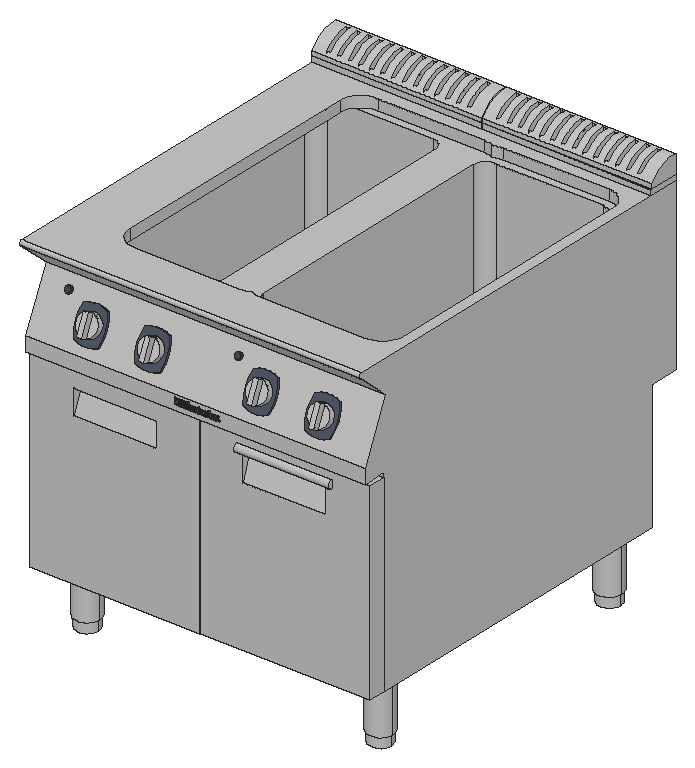
Revit family "QF_ELECTROLUXPROFESSIONAL_391625_E9OODTBAMEI", category Attrezzature speciali, Revit 2018 (continued)
Automatic sketch dimensions
  Extrusion 5 sketch curve to Extrusion 5 sketch curve = 0.936 mm
  Extrusion 5 sketch curve to Extrusion 5 sketch curve = 0.594 mm
  Extrusion 5 sketch curve to Extrusion 5 sketch curve = 0.343 mm
  Extrusion 5 sketch curve to Extrusion 5 sketch curve = 0.159 mm
  Extrusion 5 sketch curve to Extrusion 5 sketch curve = 0.826 mm
  Extrusion 5 sketch curve to Extrusion 5 sketch curve = 0.839 mm
  Extrusion 5 sketch curve to Extrusion 5 sketch curve = 0.852 mm
  Extrusion 5 sketch curve to Extrusion 5 sketch curve = 0.887 mm
  Extrusion 5 sketch curve to Extrusion 5 sketch curve = 0.928 mm
  Extrusion 5 sketch curve to Extrusion 5 sketch curve = 0.938 mm
  Extrusion 5 sketch curve to Extrusion 5 sketch curve = 0.444 mm
  Extrusion 5 sketch curve to Extrusion 5 sketch curve = 1.11 mm  (x3)
  Extrusion 5 sketch curve to Extrusion 5 sketch curve = 0.215 mm
  Extrusion 5 sketch curve to Extrusion 5 sketch curve = 1.43 mm
  Extrusion 5 sketch curve to Extrusion 5 sketch curve = 1.188 mm
  Extrusion 5 sketch curve to Extrusion 5 sketch curve = 1.21 mm  (x2)
  Extrusion 5 sketch curve to Extrusion 5 sketch curve = 0.503 mm
  Extrusion 5 sketch curve to Extrusion 5 sketch curve = 0.488 mm
  Extrusion 5 sketch curve to Extrusion 5 sketch curve = 0.462 mm
  Extrusion 5 sketch curve to Extrusion 5 sketch curve = 1.386 mm
  Extrusion 5 sketch curve to Extrusion 5 sketch curve = 1.742 mm  (x2)
  Extrusion 5 sketch curve to Extrusion 5 sketch curve = 0.821 mm
  Extrusion 5 sketch curve to Extrusion 5 sketch curve = 0.497 mm
  Extrusion 5 sketch curve to Extrusion 5 sketch curve = 0.539 mm
  Extrusion 5 sketch curve to Extrusion 5 sketch curve = 0.199 mm
  Extrusion 5 sketch curve to Extrusion 5 sketch curve = 0.408 mm
  Extrusion 5 sketch curve to Extrusion 5 sketch curve = 0.528 mm
  Extrusion 5 sketch curve to Extrusion 5 sketch curve = 1.16 mm
  Extrusion 5 sketch curve to Extrusion 5 sketch curve = 0.329 mm
  Extrusion 5 sketch curve to Extrusion 5 sketch curve = 1.054 mm
  Extrusion 5 sketch curve to Extrusion 5 sketch curve = 1.056 mm
  Extrusion 5 sketch curve to Extrusion 5 sketch curve = 0.129 mm
  Extrusion 5 sketch curve to Extrusion 5 sketch curve = 0.489 mm
  Extrusion 5 sketch curve to Extrusion 5 sketch curve = 0.441 mm
  Extrusion 5 sketch curve to Extrusion 5 sketch curve = 1.151 mm
  Extrusion 5 sketch curve to Extrusion 5 sketch curve = 1.141 mm  (x2)
  Extrusion 5 sketch curve to Extrusion 5 sketch curve = 0.768 mm
  Extrusion 5 sketch curve to Extrusion 5 sketch curve = 1.653 mm
  Extrusion 5 sketch curve to Extrusion 5 sketch curve = 0.499 mm
  Extrusion 5 sketch curve to Extrusion 5 sketch curve = 0.964 mm
  Extrusion 5 sketch curve to Extrusion 5 sketch curve = 0.949 mm
  Extrusion 5 sketch curve to Extrusion 5 sketch curve = 1.345 mm  (x3)
  Extrusion 5 sketch curve to Extrusion 5 sketch curve = 1.101 mm
  Extrusion 5 sketch curve to Extrusion 5 sketch curve = 0.432 mm
  Extrusion 5 sketch curve to Extrusion 5 sketch curve = 1.142 mm
  Extrusion 5 sketch curve to Extrusion 5 sketch curve = 0.959 mm
  Extrusion 5 sketch curve to Extrusion 5 sketch curve = 0.176 mm
  Extrusion 5 sketch curve to Extrusion 5 sketch curve = 0.728 mm
  Extrusion 5 sketch curve to Extrusion 5 sketch curve = 3.375 mm  (x2)
  Extrusion 5 sketch curve to Extrusion 5 sketch curve = 0.541 mm
  Extrusion 5 sketch curve to Extrusion 5 sketch curve = 0.955 mm
  Extrusion 5 sketch curve to Extrusion 5 sketch curve = 1.251 mm
  Extrusion 5 sketch curve to Extrusion 5 sketch curve = 0.572 mm
  Extrusion 5 sketch curve to Extrusion 5 sketch curve = 1.92 mm
  Extrusion 5 sketch curve to Extrusion 5 sketch curve = 1.224 mm
  Extrusion 5 sketch curve to Extrusion 5 sketch curve = 0.745 mm
  Extrusion 5 sketch curve to Extrusion 5 sketch curve = 2.537 mm
  Extrusion 5 sketch curve to Extrusion 5 sketch curve = 0.896 mm  (x3)
  Extrusion 5 sketch curve to Extrusion 5 sketch curve = 0.036 mm
  Extrusion 5 sketch curve to Extrusion 5 sketch curve = 2.607 mm
  Extrusion 5 sketch curve to Extrusion 5 sketch curve = 0.066 mm
  Extrusion 5 sketch curve to Extrusion 5 sketch curve = 0.248 mm
  Extrusion 5 sketch curve to Extrusion 5 sketch curve = 0.449 mm
  Extrusion 5 sketch curve to Extrusion 5 sketch curve = 1.052 mm
  Extrusion 5 sketch curve to Extrusion 5 sketch curve = 1.863 mm
  Extrusion 5 sketch curve to Extrusion 5 sketch curve = 1.31 mm  (x2)
  Extrusion 5 sketch curve to Extrusion 5 sketch curve = 0.901 mm
  Extrusion 5 sketch curve to Extrusion 5 sketch curve = 1.107 mm
  Extrusion 5 sketch curve to Extrusion 5 sketch curve = 2.122 mm
  Extrusion 5 sketch curve to Extrusion 5 sketch curve = 2.101 mm
  Extrusion 5 sketch curve to Extrusion 5 sketch curve = 0.106 mm
  Extrusion 5 sketch curve to Extrusion 5 sketch curve = 0.029 mm
  Extrusion 5 sketch curve to Extrusion 5 sketch curve = 2.09 mm
  Extrusion 5 sketch curve to Extrusion 5 sketch curve = 1.279 mm
  Extrusion 5 sketch curve to Extrusion 5 sketch curve = 2.008 mm
  Extrusion 5 sketch curve to Extrusion 5 sketch curve = 0.738 mm
  Extrusion 5 sketch curve to Extrusion 5 sketch curve = 0.382 mm
  Extrusion 5 sketch curve to Extrusion 5 sketch curve = 0.384 mm
  Extrusion 5 sketch curve to Extrusion 5 sketch curve = 0.002 mm
  Extrusion 5 sketch curve to Extrusion 5 sketch curve = 0.561 mm
  Extrusion 5 sketch curve to Extrusion 5 sketch curve = 0.592 mm
  Extrusion 5 sketch curve to Extrusion 5 sketch curve = 2.692 mm
  Extrusion 5 sketch curve to Extrusion 5 sketch curve = 1.259 mm
  Extrusion 5 sketch curve to Extrusion 5 sketch curve = 0.802 mm
  Extrusion 5 sketch curve to Extrusion 5 sketch curve = 1.024 mm  (x2)
  Extrusion 5 sketch curve to Extrusion 5 sketch curve = 0.682 mm
  Extrusion 5 sketch curve to Extrusion 5 sketch curve = 5.934 mm
  Extrusion 5 sketch curve to Extrusion 5 sketch curve = 2.186 mm
  Extrusion 5 sketch curve to Extrusion 5 sketch curve = 0.337 mm
  Extrusion 5 sketch curve to Extrusion 5 sketch curve = 0.021 mm
  Extrusion 5 sketch curve to Extrusion 5 sketch curve = 1.005 mm
  Extrusion 5 sketch curve to Extrusion 5 sketch curve = 0.552 mm
  Extrusion 5 sketch curve to Extrusion 5 sketch curve = 0.778 mm
  Extrusion 5 sketch curve to Extrusion 5 sketch curve = 0.063 mm
  Extrusion 5 sketch curve to Extrusion 5 sketch curve = 1.023 mm
  Extrusion 5 sketch curve to Extrusion 5 sketch curve = 3.804 mm
  Extrusion 5 sketch curve to Extrusion 5 sketch curve = 0.486 mm
  Extrusion 5 sketch curve to Extrusion 5 sketch curve = 0.266 mm
  Extrusion 5 sketch curve to Extrusion 5 sketch curve = 1.547 mm
  Extrusion 5 sketch curve to Extrusion 5 sketch curve = 0.717 mm  (x2)
  Extrusion 5 sketch curve to Extrusion 5 sketch curve = 1.667 mm
  Extrusion 5 sketch curve to Extrusion 5 sketch curve = 3.174 mm
  Extrusion 5 sketch curve to Extrusion 5 sketch curve = 0.388 mm
  Extrusion 5 sketch curve to Extrusion 5 sketch curve = 1.342 mm
  Extrusion 5 sketch curve to Extrusion 5 sketch curve = 1.521 mm
  Extrusion 5 sketch curve to Extrusion 5 sketch curve = 0.124 mm
  Extrusion 5 sketch curve to Extrusion 5 sketch curve = 0.291 mm
  Extrusion 5 sketch curve to Extrusion 5 sketch curve = 1.049 mm  (x2)
  Extrusion 5 sketch curve to Extrusion 5 sketch curve = 1.7 mm
  Extrusion 5 sketch curve to Extrusion 5 sketch curve = 0.894 mm
  Extrusion 5 sketch curve to Extrusion 5 sketch curve = 0.989 mm
  Extrusion 5 sketch curve to Extrusion 5 sketch curve = 1.168 mm
  Extrusion 5 sketch curve to Extrusion 5 sketch curve = 1.594 mm
  Extrusion 5 sketch curve to Extrusion 5 sketch curve = 0.731 mm
  Extrusion 5 sketch curve to Extrusion 5 sketch curve = 1.566 mm
  Extrusion 5 sketch curve to Extrusion 5 sketch curve = 0.064 mm
  Extrusion 5 sketch curve to Extrusion 5 sketch curve = 0.556 mm  (x2)
  Extrusion 5 sketch curve to Extrusion 5 sketch curve = 0.48 mm
  Extrusion 5 sketch curve to Extrusion 5 sketch curve = 1.018 mm
  Extrusion 5 sketch curve to Extrusion 5 sketch curve = 0.787 mm
  Extrusion 5 sketch curve to Extrusion 5 sketch curve = 0.618 mm
  Extrusion 5 sketch curve to Extrusion 5 sketch curve = 1.672 mm
  Extrusion 5 sketch curve to Extrusion 5 sketch curve = 1.361 mm
  Extrusion 5 sketch curve to Extrusion 5 sketch curve = 0.822 mm
  Extrusion 5 sketch curve to Extrusion 5 sketch curve = 0.069 mm
  Extrusion 5 sketch curve to Extrusion 5 sketch curve = 1.88 mm
  Extrusion 5 sketch curve to Extrusion 5 sketch curve = 0.42 mm
  Extrusion 5 sketch curve to Extrusion 5 sketch curve = 0.062 mm
  Extrusion 5 sketch curve to Extrusion 5 sketch curve = 1.355 mm
  Extrusion 5 sketch curve to Extrusion 5 sketch curve = 2.34 mm
  Extrusion 5 sketch curve to Extrusion 5 sketch curve = 0.493 mm
  Extrusion 5 sketch curve to Extrusion 5 sketch curve = 0.136 mm
  Extrusion 5 sketch curve to Extrusion 5 sketch curve = 0.128 mm
  Extrusion 5 sketch curve to Extrusion 5 sketch curve = 3.616 mm
  Extrusion 5 sketch curve to Extrusion 5 sketch curve = 4.207 mm
  Extrusion 5 sketch curve to Extrusion 5 sketch curve = 0.183 mm
  Extrusion 5 sketch curve to Extrusion 5 sketch curve = 0.895 mm
  Extrusion 5 sketch curve to Extrusion 5 sketch curve = 1.314 mm
  Extrusion 5 sketch curve to Extrusion 5 sketch curve = 3.231 mm
  Extrusion 5 sketch curve to Extrusion 5 sketch curve = 1.299 mm
  Extrusion 5 sketch curve to Extrusion 5 sketch curve = 1.214 mm
  Extrusion 5 sketch curve to Extrusion 5 sketch curve = 1.264 mm
  Extrusion 5 sketch curve to Extrusion 5 sketch curve = 0.109 mm
  Extrusion 5 sketch curve to Extrusion 5 sketch curve = 0.357 mm
  Extrusion 5 sketch curve to Extrusion 5 sketch curve = 0.565 mm
  Extrusion 5 sketch curve to Extrusion 5 sketch curve = 2.504 mm
  Extrusion 5 sketch curve to Extrusion 5 sketch curve = 2.459 mm
  Extrusion 1 to Extrusion 5 sketch curve = 5.127 mm
  Extrusion 1 to Extrusion 5 sketch curve = 343.464 mm
  Extrusion 5 sketch curve to Extrusion 5 sketch curve = 0.208 mm
  Extrusion 5 sketch curve to Extrusion 5 sketch curve = 0.468 mm  (x2)
  Extrusion 5 sketch curve to Extrusion 5 sketch curve = 1.559 mm
  Extrusion 5 sketch curve to Extrusion 5 sketch curve = 0.422 mm  (x2)
  Extrusion 5 sketch curve to Extrusion 5 sketch curve = 0.494 mm
  Extrusion 5 sketch curve to Extrusion 5 sketch curve = 3.927 mm
  Extrusion 5 sketch curve to Extrusion 5 sketch curve = 0.782 mm
  Extrusion 5 sketch curve to Extrusion 5 sketch curve = 1.268 mm
  Extrusion 5 sketch curve to Extrusion 5 sketch curve = 0.671 mm
  Extrusion 5 sketch curve to Extrusion 5 sketch curve = 0.777 mm
  Extrusion 5 sketch curve to Extrusion 5 sketch curve = 0.704 mm
  Extrusion 5 sketch curve to Extrusion 5 sketch curve = 0.781 mm  (x2)
  Extrusion 5 sketch curve to Extrusion 5 sketch curve = 1.634 mm
  Extrusion 5 sketch curve to Extrusion 5 sketch curve = 0.132 mm
  Extrusion 5 sketch curve to Extrusion 5 sketch curve = 3.136 mm
  Extrusion 5 sketch curve to Extrusion 5 sketch curve = 2.422 mm
  Extrusion 5 sketch curve to Extrusion 5 sketch curve = 0.586 mm
  Extrusion 5 sketch curve to Extrusion 5 sketch curve = 2.046 mm  (x2)
  Extrusion 5 sketch curve to Extrusion 5 sketch curve = 1.241 mm
  Extrusion 5 sketch curve to Extrusion 5 sketch curve = 1.689 mm
  Extrusion 5 sketch curve to Extrusion 5 sketch curve = 2.859 mm
  Extrusion 5 sketch curve to Extrusion 5 sketch curve = 0.627 mm
  Extrusion 5 sketch curve to Extrusion 5 sketch curve = 0.863 mm
  Extrusion 5 sketch curve to Extrusion 5 sketch curve = 0.419 mm
  Extrusion 5 sketch curve to Extrusion 5 sketch curve = 1.514 mm
  Extrusion 5 sketch curve to Extrusion 5 sketch curve = 1.019 mm
  Extrusion 5 sketch curve to Extrusion 5 sketch curve = 0.065 mm
  Extrusion 5 sketch curve to Extrusion 5 sketch curve = 1.215 mm
  Extrusion 5 sketch curve to Extrusion 5 sketch curve = 2.708 mm
  Extrusion 5 sketch curve to Extrusion 5 sketch curve = 1.122 mm
  Extrusion 5 sketch curve to Extrusion 5 sketch curve = 1.153 mm
  Extrusion 5 sketch curve to Extrusion 5 sketch curve = 3.009 mm
  Extrusion 5 sketch curve to Extrusion 5 sketch curve = 0.829 mm  (x2)
  Extrusion 5 sketch curve to Extrusion 5 sketch curve = 0.934 mm
  Extrusion 5 sketch curve to Extrusion 5 sketch curve = 3.376 mm
  Extrusion 5 sketch curve to Extrusion 5 sketch curve = 0.222 mm
  Extrusion 5 sketch curve to Extrusion 5 sketch curve = 1.383 mm
  Extrusion 5 sketch curve to Extrusion 5 sketch curve = 1.556 mm
  Extrusion 5 sketch curve to Extrusion 5 sketch curve = 2.559 mm
  Extrusion 5 sketch curve to Extrusion 5 sketch curve = 2.51 mm
  Extrusion 5 sketch curve to Extrusion 5 sketch curve = 0.131 mm
  Extrusion 5 sketch curve to Extrusion 5 sketch curve = 1.717 mm
  Extrusion 5 sketch curve to Extrusion 5 sketch curve = 1.134 mm
  Extrusion 5 sketch curve to Extrusion 5 sketch curve = 0.366 mm
  Extrusion 5 sketch curve to Extrusion 5 sketch curve = 0.094 mm
  Extrusion 5 sketch curve to Extrusion 5 sketch curve = 1.584 mm
  Extrusion 5 sketch curve to Extrusion 5 sketch curve = 1.501 mm
  Extrusion 5 sketch curve to Extrusion 5 sketch curve = 0.27 mm
  Extrusion 5 sketch curve to Extrusion 5 sketch curve = 1.808 mm
  Extrusion 5 sketch curve to Extrusion 5 sketch curve = 0.643 mm
  Extrusion 5 sketch curve to Extrusion 5 sketch curve = 0.916 mm
  Extrusion 5 sketch curve to Extrusion 5 sketch curve = 0.352 mm
  Extrusion 5 sketch curve to Extrusion 5 sketch curve = 0.458 mm
  Extrusion 5 sketch curve to Extrusion 5 sketch curve = 1.282 mm
  Extrusion 5 sketch curve to Extrusion 5 sketch curve = 1.363 mm
  Extrusion 5 sketch curve to Extrusion 5 sketch curve = 0.685 mm
  Extrusion 5 sketch curve to Extrusion 5 sketch curve = 0.905 mm
  Extrusion 5 sketch curve to Extrusion 5 sketch curve = 2.865 mm
  Extrusion 5 sketch curve to Extrusion 5 sketch curve = 0.472 mm
  Extrusion 5 sketch curve to Extrusion 5 sketch curve = 0.101 mm
  Extrusion 5 sketch curve to Extrusion 5 sketch curve = 0.54 mm
  Extrusion 5 sketch curve to Extrusion 5 sketch curve = 0.02 mm
  Extrusion 5 sketch curve to Extrusion 5 sketch curve = 0.582 mm
  Extrusion 5 sketch curve to Extrusion 5 sketch curve = 0.166 mm
  Extrusion 5 sketch curve to Extrusion 5 sketch curve = 0.16 mm
  Extrusion 5 sketch curve to Extrusion 5 sketch curve = 2.781 mm
  Extrusion 5 sketch curve to Extrusion 5 sketch curve = 1.118 mm
  Extrusion 5 sketch curve to Extrusion 5 sketch curve = 0.613 mm
  Extrusion 5 sketch curve to Extrusion 5 sketch curve = 0.361 mm
  Extrusion 5 sketch curve to Extrusion 5 sketch curve = 0.897 mm
  Extrusion 5 sketch curve to Extrusion 5 sketch curve = 0.167 mm
  Extrusion 5 sketch curve to Extrusion 5 sketch curve = 0.292 mm
  Extrusion 5 sketch curve to Extrusion 5 sketch curve = 0.305 mm
  Extrusion 5 sketch curve to Extrusion 5 sketch curve = 1.557 mm
  Extrusion 5 sketch curve to Extrusion 5 sketch curve = 2.499 mm
  Extrusion 5 sketch curve to Extrusion 5 sketch curve = 3.062 mm
  Extrusion 5 sketch curve to Extrusion 5 sketch curve = 2.968 mm
  Extrusion 5 sketch curve to Extrusion 5 sketch curve = 5.044 mm
  Extrusion 5 sketch curve to Extrusion 5 sketch curve = 0.629 mm  (x2)
  Extrusion 5 sketch curve to Extrusion 5 sketch curve = 1.131 mm
  Extrusion 5 sketch curve to Extrusion 5 sketch curve = 0.137 mm
  Extrusion 5 sketch curve to Extrusion 5 sketch curve = 0.027 mm
  Extrusion 5 sketch curve to Extrusion 5 sketch curve = 2.235 mm
  Extrusion 6 sketch curve to plane 10 "TOP A" = 0 mm
  Extrusion 6 sketch curve to plane 1 "BACK" = 0 mm
  plane 10 "TOP A" to Extrusion 6 sketch curve = 12.9 mm
  Extrusion 6 sketch curve to plane 12 = 54.11 mm
  Extrusion 7 sketch curve to plane 1 "BACK" = 0 mm
  Extrusion 7 sketch curve to plane 6 "TOP" = 0 mm
  plane 1 "BACK" to Extrusion 7 sketch curve = 4.947 mm
  plane 10 "TOP A" to Extrusion 7 sketch curve = 23.3 mm
  plane 1 "BACK" to Extrusion 7 sketch curve = 69.85 mm
  plane 10 "TOP A" to Extrusion 7 sketch curve = 12.9 mm
  plane 1 "BACK" to Extrusion 8 sketch curve = 6.761 mm  (x14)
  plane 17 to Extrusion 8 sketch curve = 0.513 mm
  Extrusion 8 sketch curve to plane 16 = 1.61 mm
  plane 16 to Extrusion 8 sketch curve = 14.583 mm
  Extrusion 8 sketch curve to Extrusion 8 sketch curve = 57.15 mm
  Extrusion 8 sketch curve to Extrusion 8 sketch curve = 0 mm  (x13)
  Extrusion 8 sketch curve to plane 16 = 10.905 mm
  plane 20 to Extrusion 8 sketch curve = 0.191 mm
  Extrusion 8 sketch curve to plane 20 = 16.001 mm
  Extrusion 8 sketch curve to Extrusion 8 sketch curve = 9.296 mm  (x12)
  Extrusion 8 sketch curve to plane 17 = 15.68 mm
  Extrusion 8 sketch curve to Extrusion 8 sketch curve = 16.193 mm  (x9)
  Extrusion 9 sketch curve to plane 10 "TOP A" = 0 mm
  Extrusion 9 sketch curve to plane 1 "BACK" = 0 mm
  plane 10 "TOP A" to Extrusion 9 sketch curve = 12.9 mm
  Extrusion 9 sketch curve to plane 12 = 54.11 mm
  Extrusion 10 sketch curve to plane 1 "BACK" = 0 mm
  Extrusion 10 sketch curve to plane 6 "TOP" = 0 mm
  plane 1 "BACK" to Extrusion 10 sketch curve = 4.947 mm
  plane 10 "TOP A" to Extrusion 10 sketch curve = 23.3 mm
  plane 1 "BACK" to Extrusion 10 sketch curve = 69.85 mm
  plane 10 "TOP A" to Extrusion 10 sketch curve = 12.9 mm
  plane 1 "BACK" to Extrusion 11 sketch curve = 6.761 mm  (x14)
  plane 18 to Extrusion 11 sketch curve = 1.487 mm
  Extrusion 11 sketch curve to plane 19 = 0.56 mm
  Extrusion 11 sketch curve to Extrusion 11 sketch curve = 57.15 mm
  Extrusion 11 sketch curve to Extrusion 11 sketch curve = 0 mm  (x13)
  Extrusion 11 sketch curve to plane 15 = 6.001 mm
  plane 19 to Extrusion 11 sketch curve = 15.633 mm
  Extrusion 11 sketch curve to Extrusion 11 sketch curve = 9.296 mm  (x13)
  Extrusion 11 sketch curve to Extrusion 11 sketch curve = 16.193 mm  (x10)
  plane 21 to Extrusion 11 sketch curve = 0.191 mm
  Extrusion 12 sketch curve to Extrusion 1 = 0 mm  (x2)
  Extrusion 1 to Extrusion 12 sketch curve = 399.088 mm
  Extrusion 12 sketch curve to Extrusion 12 sketch curve = 1.825 mm
  Extrusion 13 sketch curve to plane 5 "FRONT" = 30 mm
  Extrusion 13 sketch curve to Extrusion 13 sketch curve = 21.813 mm
  Extrusion 13 sketch curve to plane 9 "BASE" = 97.43 mm
  Extrusion 13 sketch curve to plane 9 "BASE" = 37.5 mm
  Extrusion 14 sketch curve to plane 5 "FRONT" = 30 mm
  Extrusion 14 sketch curve to Extrusion 14 sketch curve = 21.813 mm
  Extrusion 14 sketch curve to plane 9 "BASE" = 37.5 mm
  Extrusion 14 sketch curve to Extrusion 14 sketch curve = 59.93 mm
  Extrusion 15 sketch curve to plane 5 "FRONT" = 30 mm
  Extrusion 15 sketch curve to plane 9 "BASE" = 17.595 mm
  Extrusion 15 sketch curve to Extrusion 15 sketch curve = 9.905 mm
  plane 13 to Extrusion 16 sketch curve = 0 mm
  Extrusion 16 sketch curve to plane 20 = 10 mm
  Extrusion 16 sketch curve to Extrusion 16 sketch curve = 0 mm  (x4)
  Extrusion 16 sketch curve to plane 17 = 10 mm  (x2)
  Extrusion 16 sketch curve to plane 7 "Center Y" = 75 mm  (x2)
  Extrusion 16 sketch curve to Extrusion 16 sketch curve = 30 mm
  Extrusion 16 sketch curve to Extrusion 16 sketch curve = 133.357 mm
  Extrusion 17 sketch curve to plane 13 = 163.357 mm
  Extrusion 17 sketch curve to plane 17 = 10 mm
  Extrusion 17 sketch curve to Extrusion 17 sketch curve = 30 mm  (x2)
  plane 12 to Extrusion 17 sketch curve = 25.89 mm  (x2)
  Extrusion 17 sketch curve to plane 12 = 4.11 mm
  Extrusion 17 sketch curve to plane 7 "Center Y" = 75 mm
  plane 7 "Center Y" to Extrusion 18 sketch curve = 25 mm
  plane 13 to Extrusion 18 sketch curve = 20 mm
  Extrusion 18 sketch curve to Extrusion 18 sketch curve = 50 mm  (x2)
  Extrusion 18 sketch curve to plane 12 = 24.11 mm
  plane 18 to Extrusion 18 sketch curve = 12 mm  (x2)
  Extrusion 18 sketch curve to plane 15 = 20 mm
  Extrusion 19 sketch curve to plane 15 = 0 mm  (x2)
  plane 13 to Extrusion 19 sketch curve = 0 mm
  plane 18 to Extrusion 19 sketch curve = 12 mm  (x2)
  plane 7 "Center Y" to Extrusion 19 sketch curve = 75 mm  (x2)
  Extrusion 19 sketch curve to Extrusion 19 sketch curve = 30 mm
  Extrusion 19 sketch curve to Extrusion 19 sketch curve = 0 mm  (x3)
  Extrusion 19 sketch curve to Extrusion 19 sketch curve = 133.357 mm
  Extrusion 20 sketch curve to plane 15 = 0 mm
  Extrusion 20 sketch curve to plane 12 = 4.11 mm
  plane 18 to Extrusion 20 sketch curve = 12 mm
  plane 12 to Extrusion 20 sketch curve = 25.89 mm
  plane 7 "Center Y" to Extrusion 20 sketch curve = 45 mm
  Extrusion 20 sketch curve to plane 8 "Center X" = 141.643 mm  (x2)
  Extrusion 20 sketch curve to Extrusion 20 sketch curve = 30 mm
  Extrusion 21 sketch curve to plane 17 = 39.333 mm
  Extrusion 21 sketch curve to Extrusion 21 sketch curve = 0 mm
  Extrusion 21 sketch curve to Extrusion 21 sketch curve = 12.3 mm  (x3)
  Extrusion 21 sketch curve to Extrusion 21 sketch curve = 34.925 mm  (x2)
  Extrusion 21 sketch curve to plane 17 = 13.606 mm
  Extrusion 21 sketch curve to Extrusion 21 sketch curve = 46.691 mm
  Extrusion 21 sketch curve to Extrusion 21 sketch curve = 26.344 mm
  Extrusion 21 sketch curve to Extrusion 21 sketch curve = 28.57 mm
  Extrusion 23 sketch curve to Extrusion 23 sketch curve = 24.732 mm
  Extrusion 23 sketch curve to Extrusion 23 sketch curve = 0 mm
  Split face 1 sketch curve to Split face 1 sketch curve = 9.684 mm
  Split face 1 sketch curve to Split face 1 sketch curve = 18.622 mm
  Split face 1 sketch curve to Split face 1 sketch curve = 2.959 mm
  Split face 1 sketch curve to Split face 1 sketch curve = 21.994 mm
  Split face 1 sketch curve to Split face 1 sketch curve = 5.035 mm
  Split face 1 sketch curve to Split face 1 sketch curve = 10.085 mm
  Split face 1 sketch curve to Split face 1 sketch curve = 5.244 mm
  Split face 2 sketch curve to Split face 2 sketch curve = 9.635 mm
  Split face 2 sketch curve to Split face 2 sketch curve = 17.821 mm
  Split face 2 sketch curve to Split face 2 sketch curve = 4.557 mm
  Split face 2 sketch curve to Split face 2 sketch curve = 14.42 mm
  Split face 2 sketch curve to Split face 2 sketch curve = 22.055 mm
  Split face 2 sketch curve to Split face 2 sketch curve = 3.318 mm
  Extrusion 24 sketch curve to plane 16 = 17.333 mm
  Extrusion 24 sketch curve to Extrusion 24 sketch curve = 0 mm
  Extrusion 24 sketch curve to Extrusion 24 sketch curve = 12.3 mm  (x3)
  Extrusion 24 sketch curve to Extrusion 24 sketch curve = 34.925 mm  (x2)
  plane 16 to Extrusion 24 sketch curve = 8.394 mm
  Extrusion 24 sketch curve to Extrusion 24 sketch curve = 46.691 mm
  Extrusion 24 sketch curve to plane 16 = 17.95 mm
  Extrusion 24 sketch curve to Extrusion 24 sketch curve = 25.114 mm
  Extrusion 26 sketch curve to Extrusion 26 sketch curve = 24.732 mm
  Extrusion 26 sketch curve to Extrusion 26 sketch curve = 0 mm
  Split face 3 sketch curve to Split face 3 sketch curve = 9.684 mm
  Split face 3 sketch curve to Split face 3 sketch curve = 18.622 mm
  Split face 3 sketch curve to Split face 3 sketch curve = 2.959 mm
  Split face 3 sketch curve to Split face 3 sketch curve = 21.994 mm
  Split face 3 sketch curve to Split face 3 sketch curve = 5.035 mm
  Split face 3 sketch curve to Split face 3 sketch curve = 10.085 mm
  Split face 3 sketch curve to Split face 3 sketch curve = 5.244 mm
  Split face 4 sketch curve to Split face 4 sketch curve = 9.635 mm
  Split face 4 sketch curve to Split face 4 sketch curve = 17.821 mm
  Split face 4 sketch curve to Split face 4 sketch curve = 4.557 mm
  Split face 4 sketch curve to Split face 4 sketch curve = 14.42 mm
  Split face 4 sketch curve to Split face 4 sketch curve = 22.055 mm
  Split face 4 sketch curve to Split face 4 sketch curve = 3.318 mm
  Extrusion 27 sketch curve to plane 17 = 0 mm
  plane 7 "Center Y" to Extrusion 28 sketch curve = 104.333 mm
  Extrusion 28 sketch curve to Extrusion 28 sketch curve = 0 mm
  Extrusion 28 sketch curve to Extrusion 28 sketch curve = 12.3 mm  (x3)
  Extrusion 28 sketch curve to Extrusion 28 sketch curve = 34.925 mm  (x2)
  Extrusion 28 sketch curve to Extrusion 28 sketch curve = 46.691 mm
  Extrusion 28 sketch curve to Extrusion 28 sketch curve = 0.617 mm
  Extrusion 28 sketch curve to Extrusion 28 sketch curve = 28.57 mm
  Extrusion 28 sketch curve to Extrusion 28 sketch curve = 29.185 mm
  Extrusion 30 sketch curve to Extrusion 30 sketch curve = 24.732 mm
  Extrusion 30 sketch curve to Extrusion 30 sketch curve = 0 mm
  Split face 5 sketch curve to Split face 5 sketch curve = 9.684 mm
  Split face 5 sketch curve to Split face 5 sketch curve = 18.622 mm
  Split face 5 sketch curve to Split face 5 sketch curve = 2.959 mm
  Split face 5 sketch curve to Split face 5 sketch curve = 21.994 mm
  Split face 5 sketch curve to Split face 5 sketch curve = 5.035 mm
  Split face 5 sketch curve to Split face 5 sketch curve = 10.085 mm
  Split face 5 sketch curve to Split face 5 sketch curve = 5.244 mm
  Split face 6 sketch curve to Split face 6 sketch curve = 9.635 mm
  Split face 6 sketch curve to Split face 6 sketch curve = 17.821 mm
  Split face 6 sketch curve to Split face 6 sketch curve = 4.557 mm
  Split face 6 sketch curve to Split face 6 sketch curve = 14.42 mm
  Split face 6 sketch curve to Split face 6 sketch curve = 22.055 mm
  Split face 6 sketch curve to Split face 6 sketch curve = 3.318 mm
  Extrusion 31 sketch curve to plane 19 = 16.333 mm
  plane 18 to Extrusion 31 sketch curve = 29.292 mm
  Extrusion 31 sketch curve to Extrusion 31 sketch curve = 0 mm
  Extrusion 31 sketch curve to Extrusion 31 sketch curve = 12.3 mm
  plane 18 to Extrusion 31 sketch curve = 4.178 mm
  Extrusion 31 sketch curve to Extrusion 31 sketch curve = 34.925 mm  (x2)
  plane 19 to Extrusion 31 sketch curve = 9.394 mm
  Extrusion 31 sketch curve to Extrusion 31 sketch curve = 46.691 mm
  Extrusion 31 sketch curve to plane 19 = 16.95 mm
  plane 18 to Extrusion 31 sketch curve = 29.905 mm
  Extrusion 33 sketch curve to Extrusion 33 sketch curve = 24.732 mm
  Extrusion 33 sketch curve to Extrusion 33 sketch curve = 0 mm
  Split face 7 sketch curve to Split face 7 sketch curve = 9.684 mm
  Split face 7 sketch curve to Split face 7 sketch curve = 18.622 mm
  Split face 7 sketch curve to Split face 7 sketch curve = 2.959 mm
  Split face 7 sketch curve to Split face 7 sketch curve = 21.994 mm
  Split face 7 sketch curve to Split face 7 sketch curve = 5.035 mm
  Split face 7 sketch curve to Split face 7 sketch curve = 10.085 mm
  Split face 7 sketch curve to Split face 7 sketch curve = 5.244 mm
  Split face 8 sketch curve to Split face 8 sketch curve = 9.635 mm
  Split face 8 sketch curve to Split face 8 sketch curve = 17.821 mm
  Split face 8 sketch curve to Split face 8 sketch curve = 4.557 mm
  Split face 8 sketch curve to Split face 8 sketch curve = 14.42 mm
  Split face 8 sketch curve to Split face 8 sketch curve = 22.055 mm
  Split face 8 sketch curve to Split face 8 sketch curve = 3.318 mm
  plane 7 "Center Y" to Extrusion 34 sketch curve = 65 mm
  Extrusion 35 sketch curve to plane 16 = 0 mm
  Extrusion 35 sketch curve to plane 13 = 20 mm
  Extrusion 36 sketch curve to plane 17 = 0 mm
  Extrusion 36 sketch curve to plane 13 = 97 mm
  Extrusion 37 sketch curve to plane 18 = 0 mm
  Extrusion 37 sketch curve to plane 13 = 100 mm
  Extrusion 38 sketch curve to plane 19 = 0 mm
  Extrusion 38 sketch curve to plane 13 = 20 mm
  plane 12 to Extrusion 39 sketch curve = 25.89 mm  (x2)
  plane 7 "Center Y" to Extrusion 39 sketch curve = 80 mm
  plane 13 to Extrusion 39 sketch curve = 20 mm
  plane 7 "Center Y" to Extrusion 39 sketch curve = 30 mm
  Extrusion 39 sketch curve to plane 12 = 24.11 mm
  plane 16 to Extrusion 39 sketch curve = 52 mm  (x2)
  Revolve 40 sketch curve to level = 0 mm
  Revolve 40 sketch curve to plane 11 = 0 mm  (x2)
  Revolve 40 sketch curve to plane 20 = 0 mm  (x2)
  level to Revolve 40 sketch curve = 25 mm
  plane 11 to Revolve 40 sketch curve = 20 mm
  Revolve 40 sketch curve to plane 20 = 26.25 mm
  plane 3 "LEFT" to Revolve 40 sketch curve = 25 mm
  Revolve 41 sketch curve to level = 0 mm
  Revolve 41 sketch curve to plane 11 = 0 mm  (x2)
  plane 20 to Revolve 41 sketch curve = 0 mm
  Revolve 41 sketch curve to plane 20 = 0 mm
  level to Revolve 41 sketch curve = 25 mm
  plane 11 to Revolve 41 sketch curve = 20 mm
  Revolve 41 sketch curve to plane 20 = 26.25 mm
  plane 3 "LEFT" to Revolve 41 sketch curve = 25 mm
  Revolve 42 sketch curve to level = 0 mm
  Revolve 42 sketch curve to plane 11 = 0 mm  (x2)
  Revolve 42 sketch curve to plane 21 = 0 mm
  plane 21 to Revolve 42 sketch curve = 0 mm
  level to Revolve 42 sketch curve = 25 mm
  plane 11 to Revolve 42 sketch curve = 20 mm
  Revolve 42 sketch curve to plane 15 = 16.25 mm
  Revolve 42 sketch curve to plane 15 = 20 mm
  Revolve 43 sketch curve to level = 0 mm
  Revolve 43 sketch curve to plane 11 = 0 mm  (x2)
  plane 21 to Revolve 43 sketch curve = 0 mm  (x2)
  level to Revolve 43 sketch curve = 25 mm
  plane 11 to Revolve 43 sketch curve = 20 mm
  Revolve 43 sketch curve to plane 15 = 16.25 mm
  Revolve 43 sketch curve to plane 15 = 20 mm
  radius of Extrusion 22 sketch curve = 25.4 mm
  radius of Extrusion 23 sketch curve to Extrusion 22 = 0 mm  (x2)
  radius of Extrusion 25 sketch curve = 25.4 mm
  radius of Extrusion 26 sketch curve to Extrusion 25 = 0 mm  (x2)
  radius of Extrusion 27 sketch curve = 7.5 mm
  radius of Extrusion 29 sketch curve = 25.4 mm
  radius of Extrusion 30 sketch curve to Extrusion 29 = 0 mm  (x2)
  radius of Extrusion 32 sketch curve = 25.4 mm
  radius of Extrusion 33 sketch curve to Extrusion 32 = 0 mm  (x2)
  radius of Extrusion 34 sketch curve = 7.5 mm
  radius of Extrusion 35 sketch curve = 12.7 mm
  radius of Extrusion 36 sketch curve = 6.35 mm
  radius of Extrusion 37 sketch curve = 9.525 mm
  radius of Extrusion 38 sketch curve = 12.7 mm
Connectors
  piping at (737, -700, 200), diameter 19
    settings: on Extrusion 37, index 1, connector inside diameter 0.74803", connector length 0 mm, flow factor 0, pipe flow 0 GPM, pressure drop 0.00 psi, fitting loss kfactor 0, connector angle 0.00°, fixture units 0, engagement length 0 mm, angle of deflection 0.00°, flow configuration 1, flow direction 1, fitting loss method 0, system type 20, joint type 0, gender type 0, connector reference index -1, connector utility 0, adjustable connector no, is connector primary yes, connector description "WATER INLET"
  piping at (633, -780, 176), diameter 25.4
    settings: on Extrusion 38, index 2, connector inside diameter 1", connector length 0 mm, flow factor 0, pipe flow 0 GPM, pressure drop 0.00 psi, fitting loss kfactor 0, connector angle 0.00°, fixture units 0, engagement length 0 mm, angle of deflection 0.00°, flow configuration 1, flow direction 2, fitting loss method 0, system type 16, joint type 0, gender type 0, connector reference index -1, connector utility 0, adjustable connector no, is connector primary no, connector description "DRAIN"
  piping at (232, -780, 176), diameter 25.4
    settings: on Extrusion 35, index 3, connector inside diameter 1", connector length 0 mm, flow factor 0, pipe flow 0 GPM, pressure drop 0.00 psi, fitting loss kfactor 0, connector angle 0.00°, fixture units 0, engagement length 0 mm, angle of deflection 0.00°, flow configuration 1, flow direction 2, fitting loss method 0, system type 16, joint type 0, gender type 0, connector reference index -1, connector utility 0, adjustable connector no, is connector primary no, connector description "DRAIN"
  piping at (65, -703, 190), diameter 12.8
    settings: on Extrusion 36, index 4, connector inside diameter 0.50394", connector length 0 mm, flow factor 0, pipe flow 0 GPM, pressure drop 0.00 psi, fitting loss kfactor 0, connector angle 0.00°, fixture units 0, engagement length 0 mm, angle of deflection 0.00°, flow configuration 1, flow direction 1, fitting loss method 0, system type 7, joint type 0, gender type 0, connector reference index -1, connector utility 0, adjustable connector no, is connector primary no, connector description "GAS CONNECTION"
Types (2, lengths in mm): name | URL | Modello | Produttore | Gas Size | Direct Waste Size | Descrizione | Cold Water Size
  (no name) | "www.electrolux.com/foodservice" | "391112" | "ELECTROLUX" | 0" | 0" | "900XP GAS PASTA COOKER, 40LT WELL, 2 WELLS" | 0"
  Standard | "https://www.electroluxprofessional.com/" | "E9OODTBAMEI" | "Electrolux Professional" | 1/2" | 1" | "GAS PASTA COOKER 2X40 LT WELLS - QMARK" | 3/4"
